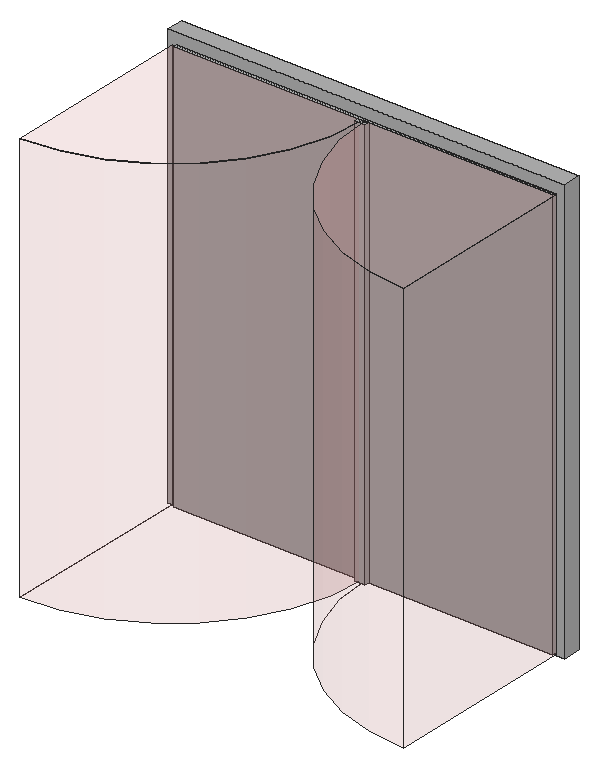
Revit family "ASSA ABLOY - DL 1.3_2 DRAGON, double-leaf, C-shaped frame", category Doors, host Wall, Revit 2021
Family settings
  Host = Wall
  OmniClass Number = 23.30.10.00
  OmniClass Title = Doors
  Always vertical = Yes
  Cut with Voids When Loaded = No
  Shared = No
  Room Calculation Point = No
Parameters (values of type "1800 x 2000 (1803 x 2002)")
  URL = "https://www.assaabloy.com/pl/pl"
  Type Comments = "Door leaf made of two pressed zinc-plated steel sheets 1,0mm thick. Reinforced with \"C\" profiles and filled with mineral wool. Door with 4-sided thick rebate with gasket."
  Rough Width Real = Width Round + Rough Width Conversion + Rough Width Adjustment  # 1967.000 mm
  Rough Height Real = Height Round + Rough Height Conversion + Rough Height Adjustment  # 2103.000 mm
  Rough Width Conversion = 167.000 mm  # constant formula
  Rough Width Adjustment = 0.000 mm  # constant formula
  Rough Height Conversion = 103.000 mm  # constant formula
  Rough Height Adjustment = 0.000 mm  # constant formula
  Resset Value [instance] = 20.000 mm
  Passive Symbol Radius = Passive Leaf Width + 10.000 mm  # 942.750 mm
  Passive Leaf Width = Rough Width - Middle Post - 70.500 mm  # 932.750 mm
  Opening Zone [instance] = yes
  Model = "Doorset_Steel Security Door, RC3, Rw(dB)=41/ Access control_ASSA ABLOY Opening Solutions_Hardware 3D"
  Middle Post = Active Leaf Clear Passage Width + 85.500 mm + 24.250 mm  # 966.750 mm
  Hinges Material = Default steel
  HW Item 9 = "1x Presto 3-20/042: U-shape handle set on round rosettes (with ABLOY®ACTIVE coating in option)_ABLOY"
  HW Item 8 = "1x ABLOY Protec2: Euro profile cylinder in disc technology_ABLOY "
  HW Item 13 = "1x Incedo: Access Control Set_ASSA ABLOY (option)"
  HW Item 12 = "1x HID SIGNO 20: card reader_HID"
  HW Item 11 = "1x 206253: Vercy door stopper, max 120 kg_ASSA ABLOY (option) "
  HW Item 10 = "1x CH101: defender_ABLOY"
  Frame Finish [instance] = ""
  Fire Rating = "NFR"  # constant formula
  Door Finish Push Side [instance] = ""
  Door Finish Pull Side [instance] = ""
  Width Round = roundup((Width / 5.000 mm)) * 5.000 mm  # 1800.000 mm
  Thickness = 60.000 mm  # constant formula
  Smoke Rating = "n/a"
  Rough Width = Width Round + 3.000 mm + Rough Width Conversion + Rough Width Adjustment  # 1970.000 mm
  Rough Height = Height Round + 2.000 mm + Rough Height Conversion + Rough Height Adjustment  # 2105.000 mm
  Readme = "The actual lintel height is consistent with the Rough Height parameter.\nThe final HW Set should be consistent with the function of the door and its  parameters.\nHardware mounted on door surface may affect the clear passage opening. For verification, please contact the specification department."
  Provider = "ASSA ABLOY Opening Solutions"
  Product Group = "Double-Steel-Access Control"
  Name = "Steel Security Door, RC3, Rw(dB)=41/ Access control"
  Min Door Width = 900.000 mm
  Min Door Height = 1450.000 mm
  Mechanical Strength = 4
  Max Door Width = 2595.000 mm
  Max Door Height = 2790.000 mm
  Manufacturer = "ASSA ABLOY"  # constant formula
  IfcExportType = "USERDEFINED"
  IfcExportAs = "IfcDoorType"
  Height Round = roundup((Height / 5.000 mm)) * 5.000 mm  # 2000.000 mm
  Hardware Set = "1.6PL"
  HW Item 7 = "1x 2396: automatic flush bolt_ASSA ABLOY (passive leaf)"
  HW Item 6 = "1x EA219: cable 10m"
  HW Item 5 = "1x EA280/ EA281: lead cover"
  HW Item 4 = "1x EL566: high security, handle controlled, electromechanical multipoint mortice lockcase with automatic dead locking system_ABLOY"
  HW Item 3 = "2x A153: mechanical opening damper_ASSA ABLOY (option)"
  HW Item 2 = "1x G461: guide rail with integrated coordinator_ASSA ABLOY"
  HW Item 1 = "2x DC700/ DC500: door closer, Cam-Motion®_ASSA ABLOY"
  Function = Interior
  Height = 2000.000 mm
  Wall Closure = By host
  Width = 1800.000 mm
  Frame Type = "Welded steel C-shaped frame made of zinc-plated steel sheet 3mm thick with EPDM gasket."
  Frame Material = Default steel
  Family name = "1.6_DOORSET_DL 1.3/2 DRAGON_DOUBLE-LEAF_C-SHAPED FRAME_ASSA ABLOY PL"
  Environmental Product Declaration (EPD) = "To be confirmed with Provider"  # constant formula
  Environmental Management System = "To be confirmed with Provider"  # constant formula
  Edition number = "1"
  Door Type = "DL 1.3/2 DRAGON"
  Door Material = Default steel
  Description = "DL 1.3/2 DRAGON, door leaf made of two pressed zinc-plated steel sheets 1,0mm thick. Reinforced with \"C\" profiles and filled with mineral wool. Door with 4-sided thick rebate with gasket. Operating forces – class 3 according to EN 12217:2005. Mechanical strength – class 4 according to EN 1192:2001. Thermal transmittance Uw=1,3W/m²K according to EN ISO 10077-1:2007. Burglary resistance – class RC3 according to EN 1627:2012. Acoustic rating - Rw=41dB according to PN-EN ISO 717-1:2013-08. Hinges with ball bearings, main lock: multipoint class 4 according to EN 12209, three anti-burglary bolts, two manual flush bolts on the passive leaf. Welded steel C-shaped frame made of zinc-plated steel sheet 3mm thick with EPDM gasket. 20mm fixed threshold. Optional: low threshold or drop-down seal."
  Date of publishing = ""
  Contact Provider = "https://www.assaabloy.com/pl/pl/solutions/topics/bim-specification/contact"
  Brand = "Donimet Bis Sp. z o. o."  # constant formula
  Author = "www.archispace.pl"
  Active Symbol Radius = Active Leaf Width + 11.000 mm  # 946.750 mm
  Active Leaf Width = Active Leaf Clear Passage Width + 78.750 mm  # 935.750 mm
  Active Leaf Clear Passage Width = 857.000 mm
Types (3, lengths in mm): name | Rough Width Real | Rough Height Real | Passive Symbol Radius | Passive Leaf Width | Middle Post | Width Round | Rough Width | Rough Height | Height Round | Height | Width | Active Symbol Radius | Active Leaf Width | Active Leaf Clear Passage Width
  900 x 1450 (903 x 1452) | 1067.000 | 1553.000 | 492.750 | 482.750 | 516.750 | 900.000 | 1070.000 | 1555.000 | 1450.000 | 1450.000 | 900.000 | 496.750 | 485.750 | 407.000
  1800 x 2000 (1803 x 2002) | 1967.000 | 2103.000 | 942.750 | 932.750 | 966.750 | 1800.000 | 1970.000 | 2105.000 | 2000.000 | 2000.000 | 1800.000 | 946.750 | 935.750 | 857.000
  2595 x 2790 (2598 x 2792) | 2762.000 | 2893.000 | 1340.250 | 1330.250 | 1364.250 | 2595.000 | 2765.000 | 2895.000 | 2790.000 | 2790.000 | 2595.000 | 1344.250 | 1333.250 | 1254.500
Reference planes
  plane 1: y = 0
  plane 2 "Center (Left/Right)": x = 0
  plane 3: z = 2103
  plane 4 "Exterior": y = 120
  plane 5 "Interior": y = -120
  plane 6: x = -983.5
  plane 7: x = 983.5
  plane 8: z = 2000
  plane 9: y = -129
  plane 10: x = -16.75
  plane 11: y = -54
  plane 12: y = -15
  plane 13: z = 2032
  plane 14: x = 966.5
  plane 15: x = 910.5
  plane 16: x = -910.5
  plane 17: x = -19.75
  plane 18: x = -13.75
  plane 19: y = -138.75
  plane 20: x = -950
  plane 21: x = 950
  plane 22: z = 26
  plane 23: x = -985
  plane 24: x = 985
  plane 25: z = 2105
  plane 26: y = -100
  plane 27: y = -125
  plane 28: x = 960
  plane 29: x = -922.5
  plane 30: x = 922.5
  plane 31: y = -111
  plane 32: x = -900
  plane 33: x = 900
  plane 34: z = 2093
  plane 35: z = 2048.5
  plane 36: z = 8
Forms (mm)
  Sweep 1, solid, material "Default steel" <- "Frame Material"
    path origin (0, -120, 0) x (1, 0, 0) y (0, 0, 1)
      loop
        line (-983.5, 0) -> (-983.5, 2093) -> (983.5, 2093) -> (983.5, 0)
    profile origin (-983.5, -120, 1046.5) x (-1, 0, 0) y (0, -1, 0)
      loop
        line (0, -20) -> (-55, -20) -> (-55, -66) -> (-73, -66) -> (-73, -105) -> (0, -105) -> (0, -20)
  Sweep 2, solid, material "Default steel" <- "Frame Material"
    path origin (0, -120, 0) x (1, 0, 0) y (0, 0, 1)
      loop
        line (0, 26) -> (0, 2032)
    profile origin (0, -120, 1029) x (-1, 0, 0) y (0, -1, 0)
      loop
        line (922.5, -59) -> (922.5, -17) -> (19.75, -17) -> (19.75, -59) -> (922.5, -59)
  Sweep 3, solid, material "Opening zone", visible <- "Opening Zone"
    path origin (-5600, 0, 0) x (-1, 0, 0) y (0, 0, 1)
      loop
        line (-5600, 8) -> (-5600, 2048.5)
    profile origin (0, 0, 1028.25) x (1, 0, 0) y (0, 1, 0)
      loop
        line (-950, -111) -> (-950, -1057.75)
        arc (-950, -1057.75) -> (-280.547, -780.453) -> (-3.25, -111) r 946.75
        line (-3.25, -111) -> (-950, -111)
  Sweep 4, solid, material "Default steel" <- "Frame Material"
    path origin (0, -120, 0) x (1, 0, 0) y (0, 0, 1)
      loop
        line (-16.75, 26) -> (-16.75, 2020)
    profile origin (-16.75, -120, 1023) x (-1, 0, 0) y (0, -1, 0)
      loop
        line (26.25, -59) -> (-26.25, -59) -> (-26.25, -78) -> (26.25, -78) -> (26.25, -59)
  Sweep 5, solid, material "Default steel" <- "Frame Material"
    path origin (740, -120, 0) x (1, 0, 0) y (0, 0, 1)
      loop
        line (-756.75, 26) -> (-756.75, 2032)
    profile origin (-16.75, -120, 1029) x (-1, 0, 0) y (0, -1, 0)
      loop
        line (-939.25, -59) -> (-3, -59) -> (-3, -23) -> (-19.5, -23) -> (-19.5, -17) -> (-939.25, -17) -> (-939.25, -59)
  Sweep 6, solid, material "Opening zone", visible <- "Opening Zone"
    path origin (5600, 0, 0) x (1, 0, 0) y (0, 0, -1)
      loop
        line (-5600, -8) -> (-5600, -2048.5)
    profile origin (0, 0, 1028.25) x (1, 0, 0) y (0, 1, 0)
      loop
        line (950, -111) -> (7.25, -111)
        arc (7.25, -111) -> (283.375, -777.625) -> (950, -1053.75) r 942.75
        line (950, -1053.75) -> (950, -111)
  Sweep 7, solid, material "Default steel" <- "Frame Material"
    path origin (0, -120, 0) x (1, 0, 0) y (0, 0, 1)
      loop
        line (-16.75, 8) -> (-16.75, 2048.5)
    profile origin (-16.75, -120, 1028.25) x (-1, 0, 0) y (0, -1, 0)
      loop
        line (9.5, 20) -> (-43, 20) -> (-43, 1) -> (9.5, 1) -> (9.5, 20)
  Sweep 8, solid, material "Default steel" <- "Frame Material"
    path origin (960.139, -100, 1200) x (1, 0, 0) y (0, 0, 1)
      loop
        line (-979.889, -1192) -> (-979.889, 848.5)
    profile origin (-19.75, -100, 1028.25) x (-1, 0, 0) y (0, -1, 0)
      loop
        line (919.25, 21) -> (-16.5, 21) -> (-16.5, 3) -> (919.25, 3) -> (919.25, 21)
  Sweep 9, solid, material "Default steel" <- "Frame Material"
    path origin (960.139, -100, 1200) x (1, 0, 0) y (0, 0, 1)
      loop
        line (-960.139, -1192) -> (-960.139, 848.5)
    profile origin (0, -100, 1028.25) x (-1, 0, 0) y (0, -1, 0)
      loop
        line (-2.75, 3) -> (-2.75, 21) -> (-939, 21) -> (-939, 3) -> (-2.75, 3)
  Sweep 10, solid, material "Default steel" <- "Frame Material"
    path origin (960.139, -100, 1200) x (1, 0, 0) y (0, 0, 1)
      loop
        line (-1943.639, 893) -> (23.361, 893)
    profile origin (0, -100, 2093) x (0, 0, 1) y (0, -1, 0)
      loop
        line (10, -85) -> (10, 0) -> (0, 0) -> (0, -85) -> (10, -85)
  Sweep 11, solid, material "Default steel" <- "Frame Material"
    path origin (960.139, -100, 1200) x (1, 0, 0) y (0, 0, 1)
      loop
        line (-1943.639, -1200) -> (23.361, -1200)
    profile origin (0, -100, 0) x (0, 0, 1) y (0, -1, 0)
      loop
        line (0, 0) -> (0, -85) -> (20, -85) -> (20, 0) -> (0, 0)
Cuts and joins
  joined: Sweep 2, Sweep 8
  joined: Sweep 5, Sweep 9
  joined: Sweep 1, Sweep 10, Sweep 11
Lines and regions (mm)
  Masking region 1, detail levels fine
    outline origin (-1132.682, -300, 2037) x (-1, 0, 0) y (0, -1, 0)
      loop
        line (-149.182, -200) -> (-204.182, -200) -> (-204.182, -246) -> (-222.182, -246) -> (-222.182, -285) -> (-149.182, -285) -> (-149.182, -200)
      loop
        line (-2043.182, -285) -> (-2043.182, -246) -> (-2061.182, -246) -> (-2061.182, -200) -> (-2116.182, -200) -> (-2116.182, -285) -> (-2043.182, -285)
  Masking region 2, detail levels medium
    outline origin (-1132.682, -300, 2037) x (-1, 0, 0) y (0, -1, 0)
      loop
        line (-222.182, -200) -> (-222.182, -285) -> (-149.182, -285) -> (-149.182, -200) -> (-222.182, -200)
      loop
        line (-2116.182, -200) -> (-2116.182, -285) -> (-2043.182, -285) -> (-2043.182, -200) -> (-2116.182, -200)
  Masking region 3, detail levels fine
    outline origin (-1132.682, -300, 2037) x (-1, 0, 0) y (0, -1, 0)
      loop
        circle (-182.682, -189) r 11
      loop
        circle (-2082.682, -189) r 11
  Opening 1
    outline origin (-5000, -120, 0) x (1, 0, 0) y (0, 0, 1)
      loop
        line (4015, 2105) -> (4015, 0) -> (5985, 0) -> (5985, 2105) -> (4015, 2105)
  symbolic lines, style "Elevation Swing"
    curve 1: line (-19.75, -120, 1051.5) -> (-950, -120, 2048.5)
    curve 2: line (-19.75, -120, 1051.5) -> (-950, -120, 8)
    curve 3: line (-13.75, -120, 1051.5) -> (950, -120, 2048.5)
    curve 4: line (-13.75, -120, 1051.5) -> (950, -120, 8)
Text (mm)
  text "Exterior" at (-1376.75, 1099.543, 0), in view "Ref. Level"
  text "Exterior" at (0, 1615.38, 3698.081), in view "Left"
  text "Exterior" at (0, 1036.032, 3874.932), in view "Right"
Dimensions and locks
  "Rough Height Real": plane 3 to host wall
  equal spacing: host wall, curve 2, plane 3
  host wall to plane 3 = 2103.000 mm
  locked: plane 4 "Exterior" to host wall
  locked: plane 5 "Interior" to host wall
  equal spacing: plane 6, plane 2 "Center (Left/Right)", plane 7
  "Rough Width Real": plane 6 to plane 7
  "Height": plane 8 to level
  locked: plane 9 to plane 5 "Interior" at 9
  locked: plane 14 to plane 7 at 17
  locked: plane 15 to plane 7 at 73
  locked: plane 6 to plane 16 at 73
  locked: plane 17 to plane 10 at 3
  locked: plane 10 to plane 18 at 3
  "Middle Post": plane 6 to plane 10
  locked: plane 19 to plane 5 "Interior" at 18.75
  equal spacing: plane 3, curve 4, level
  locked: plane 22 to level at 26
  equal spacing: plane 23, plane 2 "Center (Left/Right)", plane 24
  "Rough Width": plane 23 to plane 24
  "Rough Height": plane 25 to level
  "Resset Value": plane 5 "Interior" to plane 26
  locked: plane 26 to plane 11 at 46
  locked: plane 12 to plane 11 at 39
  locked: Masking region 1 sketch curve to plane 16 at 18
  locked: plane 15 to Masking region 1 sketch curve at 18
  locked: plane 21 to plane 7 at 33.5
  locked: Masking region 3 sketch curve to plane 26 at 11
  locked: plane 6 to plane 20 at 33.5
  locked: Sweep 1 sketch curve to plane 16 at 18
  locked: plane 21 to plane 28 at 10
  locked: plane 15 to plane 30 at 12
  locked: Sweep 5 sketch curve to plane 11 at 7
  Sweep 5 sketch curve to Sweep 5 sketch curve = 36.000 mm
  locked: plane 31 to plane 26 at 11
  locked: Sweep 2 sketch curve to plane 11 at 7
  locked: Sweep 4 sketch curve to plane 11 at 7
  locked: Sweep 4 sketch curve to Sweep 4 sketch curve at 19
  equal spacing: Sweep 4 sketch curve, profile plane, Sweep 4 sketch curve, locked at 26.25 each
  locked: Sweep 4 sketch curve to Sweep 4 sketch curve at 52.5
  locked: plane 26 to Sweep 5 sketch curve at 3
  locked: Sweep 7 sketch curve to Sweep 7 sketch curve at 19
  locked: Sweep 7 sketch curve to Sweep 7 sketch curve at 52.5
  locked: Sweep 5 sketch curve to Masking region 1 at 6
  locked: Sweep 7 sketch curve to plane 26 at 21
  locked: plane 6 to plane 32 at 83.5
  locked: Sweep 7 sketch curve to Sweep 5 at 29
  plane 27 to plane 26 = 25.000 mm
  plane 32 to plane 33 = 1800.000 mm
  locked: plane 6 to plane 29 at 61
  locked: Sweep 2 sketch curve to plane 26 at 3
  locked: Sweep 5 sketch curve to plane 26 at 3
  locked: plane 3 to plane 34 at 10
  locked: plane 3 to plane 13 at 71
  locked: Sweep 8 sketch curve to plane 26 at 3
  locked: Sweep 8 sketch curve to plane 26 at 21
  locked: Sweep 8 sketch curve to plane 29 at 16.5
  locked: plane 17 to Sweep 8 sketch curve at 16.5
  locked: plane 35 to plane 13 at 16.5
  locked: plane 36 to level at 8
  locked: plane 30 to Sweep 9 sketch curve at 16.5
  locked: plane 18 to Sweep 9 sketch curve at 16.5
  locked: Sweep 4 sketch curve to plane 13 at 12
  "Active Symbol Radius": radius of Sweep 3 sketch curve
  "Passive Symbol Radius": radius of Sweep 6 sketch curve
  aligned and locked: plane 1 to host wall
  aligned and locked: level to Sweep 1 sketch curve  (x2)
  aligned and locked: Sweep 1 sketch curve to plane 6
  aligned and locked: plane 7 to Sweep 1 sketch curve
  aligned and locked: plane 2 "Center (Left/Right)" to Sweep 2 sketch curve
  aligned and locked: plane 13 to Sweep 2 sketch curve
  aligned and locked: Sweep 4 sketch curve to plane 10
  aligned and locked: plane 17 to Sweep 2 sketch curve
  aligned and locked: Sweep 5 sketch curve to plane 10
  aligned and locked: Sweep 5 sketch curve to plane 18
  aligned and locked: plane 2 "Center (Left/Right)" to Sweep 6 sketch curve
  aligned and locked: plane 22 to Sweep 4 sketch curve
  aligned and locked: level to Opening 1 sketch curve
  aligned and locked: Opening 1 sketch curve to plane 23
  aligned and locked: Opening 1 sketch curve to plane 24
  aligned and locked: Opening 1 sketch curve to plane 25
  aligned and locked: plane 22 to Sweep 2 sketch curve
  aligned and locked: plane 22 to Sweep 5 sketch curve
  aligned and locked: Masking region 1 sketch curve to plane 6
  aligned and locked: Masking region 1 sketch curve to plane 16
  aligned and locked: Masking region 1 sketch curve to plane 11  (x2)
  aligned and locked: Masking region 1 sketch curve to plane 26  (x2)
  aligned and locked: Masking region 1 sketch curve to plane 15
  aligned and locked: Masking region 1 sketch curve to plane 7
  aligned and locked: Masking region 1 sketch curve to plane 12
  aligned and locked: plane 12 to Masking region 1 sketch curve
  aligned and locked: plane 21 to Masking region 3 sketch curve
  aligned and locked: plane 20 to Masking region 3 sketch curve
  aligned and locked: Masking region 2 sketch curve to plane 16
  aligned and locked: Masking region 2 sketch curve to plane 12
  aligned and locked: Masking region 2 sketch curve to plane 6
  aligned and locked: Masking region 2 sketch curve to plane 26  (x2)
  aligned and locked: Masking region 2 sketch curve to plane 7
  aligned and locked: plane 12 to Masking region 2 sketch curve
  aligned and locked: Masking region 2 sketch curve to plane 15
  aligned and locked: profile plane to Sweep 1 sketch curve
  aligned and locked: Sweep 1 sketch curve to plane 12
  aligned and locked: Sweep 1 sketch curve to plane 16
  aligned and locked: Sweep 1 sketch curve to plane 26
  aligned and locked: Sweep 1 sketch curve to plane 11
  aligned and locked: plane 20 to Sweep 3 sketch curve
  aligned and locked: plane 31 to Masking region 3 sketch curve
  aligned and locked: plane 31 to Sweep 3 sketch curve
  aligned and locked: Sweep 6 sketch curve to plane 31
  aligned and locked: Sweep 6 sketch curve to plane 21
  aligned and locked: plane 13 to Sweep 5 sketch curve
  aligned and locked: Sweep 2 sketch curve to plane 29
  aligned and locked: Sweep 1 sketch curve to plane 34
  aligned and locked: plane 35 to Sweep 8 sketch curve
  aligned and locked: plane 36 to Sweep 8 sketch curve
  aligned and locked: Sweep 8 sketch curve to Sweep 2
  aligned and locked: plane 2 "Center (Left/Right)" to Sweep 3 sketch curve
  aligned and locked: plane 35 to Sweep 3 sketch curve
  aligned and locked: plane 36 to Sweep 3 sketch curve
  aligned and locked: plane 36 to Sweep 6 sketch curve
  aligned and locked: plane 2 "Center (Left/Right)" to Sweep 9 sketch curve
  aligned and locked: plane 35 to Sweep 9 sketch curve
  aligned and locked: plane 36 to Sweep 9 sketch curve
  aligned and locked: plane 35 to Sweep 6 sketch curve
  aligned and locked: plane 35 to Sweep 7 sketch curve
  aligned and locked: Sweep 7 sketch curve to plane 10
  aligned and locked: plane 36 to Sweep 7 sketch curve
  aligned and locked: plane 6 to Sweep 10 sketch curve
  aligned and locked: plane 7 to Sweep 10 sketch curve
  aligned and locked: Sweep 10 sketch curve to plane 34
  aligned and locked: Sweep 10 sketch curve to plane 12
  aligned and locked: plane 3 to Sweep 10 sketch curve
  aligned and locked: plane 34 to Sweep 10 sketch curve
  aligned and locked: Sweep 10 sketch curve to plane 26
  aligned and locked: plane 6 to Sweep 11 sketch curve
  aligned and locked: plane 7 to Sweep 11 sketch curve
  aligned and locked: Sweep 11 sketch curve to level
  aligned and locked: profile plane to Sweep 11 sketch curve
  aligned and locked: plane 12 to Sweep 11 sketch curve
  aligned and locked: plane 35 to curve 1
  aligned and locked: plane 20 to curve 1
  aligned and locked: plane 20 to curve 2
  aligned and locked: plane 36 to curve 2
  aligned and locked: plane 21 to Sweep 6
  aligned and locked: plane 36 to curve 4
  aligned and locked: plane 21 to curve 3
  aligned and locked: plane 35 to Sweep 6
  aligned and locked: nested 1 to plane 2 "Center (Left/Right)"
  aligned and locked: nested 1 to plane 26
Automatic sketch dimensions
  Sweep 5 sketch curve to Sweep 5 sketch curve = 16.500 mm
  plane 26 to Sweep 9 sketch curve = 3.000 mm
  plane 26 to Sweep 9 sketch curve = 21.000 mm
  Sweep 11 sketch curve to plane 26 = 0.000 mm
  Sweep 11 sketch curve to Sweep 11 sketch curve = 20.000 mm
  plane 17 to curve 2 = 0.000 mm
  curve 4 to plane 18 = 0.000 mm
  curve 4 to plane 21 = 0.000 mm
  curve 3 to plane 35 = 0.000 mm
  radius of Masking region 3 sketch curve = 11.000 mm  (x2)
Nested families
  nested 1: "Detail_Door symbol" at (0, -100, 2037) x (-1, 0, 0) z (0, 0, 1), type "Detail_Door symbol"
Definition of nested family "Detail_Door symbol"
  Parameters (values of type "Detail_Door symbol")
    Rough Width = 1967.000 mm
    Passive Symbol Radius = 819.750 mm
    Passive Leaf Width = 808.750 mm
    Middle Post = 1109.750 mm
    Active Symbol Radius = 1089.750 mm
    Active Leaf Width = 1078.750 mm
  Reference planes
    plane 1 "Center (Front/Back)": y = 0
    plane 2: z = 0
    plane 3 "Center (Left/Right)": x = 0
    plane 4: x = -983.5
    plane 5: y = -11
    plane 6: x = -950
    plane 7: y = -22
    plane 8: y = -38.5
    plane 9: y = -830.75
    plane 10: x = -960
    plane 11: x = -942
    plane 12: x = -900
    plane 13: x = 983.5
    plane 14: y = -11
    plane 15: x = 950
    plane 16: y = -22
    plane 17: y = -38.5
    plane 18: y = -1084.75
    plane 19: y = -1100.75
    plane 20: x = 960
    plane 21: x = 942
    plane 22: x = 900
    plane 23: y = -807.75
    plane 24: y = -860.25
    plane 25: x = -881
    plane 26: y = -11
  Lines and regions (mm)
    Filled region 1, type "Solid Fill - White", in view "Ref. Level", detail levels fine
      outline origin (168.5, 43.059, 0) x (1, 0, 0) y (0, 1, 0)
        loop
          line (-1128.5, -65.059) -> (-1128.5, -857.309) -> (-1104.5, -857.309) -> (-1104.5, -873.809) -> (-1068.5, -873.809) -> (-1068.5, -81.559) -> (-1110.5, -81.559) -> (-1110.5, -65.059) -> (-1128.5, -65.059)
    Filled region 2, type "Solid Fill - White", in view "Ref. Level", detail levels medium
      outline origin (-131.5, 43.059, 0) x (1, 0, 0) y (0, 1, 0)
        loop
          line (-828.5, -65.059) -> (-828.5, -873.809) -> (-768.5, -873.809) -> (-768.5, -65.059) -> (-828.5, -65.059)
    Filled region 3, type "Solid Fill - White", in view "Ref. Level", detail levels fine
      outline origin (-28.5, 43.059, 0) x (0, 1, 0) y (-1, 0, 0)
        loop
          line (-65.059, -988.5) -> (-65.059, -970.5) -> (-81.559, -970.5) -> (-81.559, -928.5) -> (-1127.809, -928.5) -> (-1127.809, -970.5) -> (-1143.809, -970.5) -> (-1143.809, -988.5) -> (-65.059, -988.5)
    Filled region 4, type "Solid Fill - White", in view "Ref. Level", detail levels fine
      outline origin (168.5, -61.941, 0) x (1, 0, 0) y (0, 1, 0)
        loop
          line (-1068.5, -745.809) -> (-1068.5, -798.309) -> (-1049.5, -798.309) -> (-1049.5, -745.809) -> (-1068.5, -745.809)
    Filled region 5, type "Solid Fill - White", in view "Ref. Level", detail levels medium
      outline origin (323.5, -61.941, 0) x (1, 0, 0) y (0, 1, 0)
        loop
          line (-1223.5, -745.809) -> (-1223.5, -798.309) -> (-1204.5, -798.309) -> (-1204.5, -745.809) -> (-1223.5, -745.809)
    Filled region 6, type "Solid Fill - White", in view "Ref. Level", detail levels medium
      outline origin (271.5, 43.059, 0) x (0, 1, 0) y (-1, 0, 0)
        loop
          line (-65.059, -688.5) -> (-65.059, -628.5) -> (-1143.809, -628.5) -> (-1143.809, -688.5) -> (-65.059, -688.5)
    Filled region 7, type "Solid Fill - White", in view "Ref. Level", detail levels fine
      outline origin (1147.5, -864.191, 0) x (1, 0, 0) y (0, 1, 0)
        loop
          line (-187.5, -213.559) -> (-187.5, -266.059) -> (-168.5, -266.059) -> (-168.5, -213.559) -> (-187.5, -213.559)
    detail lines, in view "Ref. Level"
      curve 1: arc (-950, -830.75, 0) -> (-370.349, -590.651, 0) -> (-130.25, -11, 0) r 819.75
      curve 3: arc (950, -1100.75, 0) -> (179.43, -781.57, 0) -> (-139.75, -11, 0) r 1089.75
    detail lines, in view "Ref. Level", detail levels coarse
      curve 2: line (-950, -830.75, 0) -> (-950, -11, 0)
      curve 4: line (950, -1100.75, 0) -> (950, -11, 0)
  Dimensions and locks
    "Passive Leaf Width": plane 9 to plane 7
    locked: plane 4 to plane 10 at 23.5
    locked: plane 4 to plane 11 at 41.5
    locked: plane 10 to plane 12 at 60
    locked: plane 1 "Center (Front/Back)" to plane 5 at 11
    locked: plane 4 to plane 6 at 33.5
    locked: plane 1 "Center (Front/Back)" to plane 7 at 22
    locked: plane 7 to plane 8 at 16.5
    "Rough Width": plane 4 to plane 13
    equal spacing: plane 4, plane 3 "Center (Left/Right)", plane 13
    locked: plane 19 to plane 18 at 16
    "Active Leaf Width": plane 19 to plane 16
    locked: plane 13 to plane 20 at 23.5
    locked: plane 13 to plane 21 at 41.5
    locked: plane 20 to plane 22 at 60
    plane 1 "Center (Front/Back)" to plane 14 = 11.000 mm
    locked: plane 13 to plane 15 at 33.5
    locked: plane 1 "Center (Front/Back)" to plane 16 at 22
    locked: plane 16 to plane 17 at 16.5
    locked: plane 9 to plane 23 at 23
    locked: plane 12 to plane 25 at 19
    locked: plane 23 to plane 24 at 52.5
    plane 6 to plane 15 = 1900.000 mm
    plane 15 to plane 20 = 10.000 mm
    plane 26 to plane 1 "Center (Front/Back)" = 11.000 mm
    locked: plane 11 to Filled region 1 sketch curve at 6
    locked: Filled region 1 sketch curve to Filled region 1 sketch curve at 16.5
    locked: Filled region 7 sketch curve to plane 19 at 23
    locked: plane 20 to Filled region 7 sketch curve at 19
    locked: Filled region 7 sketch curve to Filled region 7 sketch curve at 52.5
    "Passive Symbol Radius": radius of curve 1
    "Active Symbol Radius": radius of curve 3
    aligned and locked: plane 6 to curve 1
    aligned and locked: plane 10 to Filled region 1 sketch curve
    aligned and locked: Filled region 1 sketch curve to plane 12
    aligned and locked: Filled region 1 sketch curve to plane 7
    aligned and locked: Filled region 1 sketch curve to plane 11
    aligned and locked: Filled region 1 sketch curve to plane 8
    aligned and locked: Filled region 2 sketch curve to plane 7
    aligned and locked: Filled region 2 sketch curve to plane 9
    aligned and locked: plane 10 to Filled region 2 sketch curve
    aligned and locked: Filled region 2 sketch curve to plane 12
    aligned and locked: plane 14 to curve 3
    aligned and locked: plane 20 to Filled region 3 sketch curve
    aligned and locked: plane 19 to Filled region 3 sketch curve
    aligned and locked: Filled region 3 sketch curve to plane 21  (x2)
    aligned and locked: plane 18 to Filled region 3 sketch curve
    aligned and locked: Filled region 3 sketch curve to plane 22
    aligned and locked: Filled region 3 sketch curve to plane 16
    aligned and locked: Filled region 3 sketch curve to plane 17
    aligned and locked: plane 23 to Filled region 4 sketch curve
    aligned and locked: Filled region 4 sketch curve to plane 24
    aligned and locked: Filled region 4 sketch curve to plane 12
    aligned and locked: Filled region 4 sketch curve to plane 25
    aligned and locked: plane 23 to Filled region 5 sketch curve
    aligned and locked: Filled region 5 sketch curve to plane 25
    aligned and locked: Filled region 5 sketch curve to plane 24
    aligned and locked: Filled region 5 sketch curve to plane 12
    aligned and locked: Filled region 6 sketch curve to plane 16
    aligned and locked: Filled region 6 sketch curve to plane 20
    aligned and locked: plane 22 to Filled region 6 sketch curve
    aligned and locked: plane 19 to Filled region 6 sketch curve
    aligned and locked: curve 4 to plane 14
    aligned and locked: curve 4 to plane 15
    aligned and locked: Filled region 1 sketch curve to plane 9
    aligned and locked: Filled region 7 sketch curve to plane 20
  Automatic sketch dimensions
    plane 9 to curve 2 = 0.000 mm
    curve 2 to plane 5 = 0.000 mm
